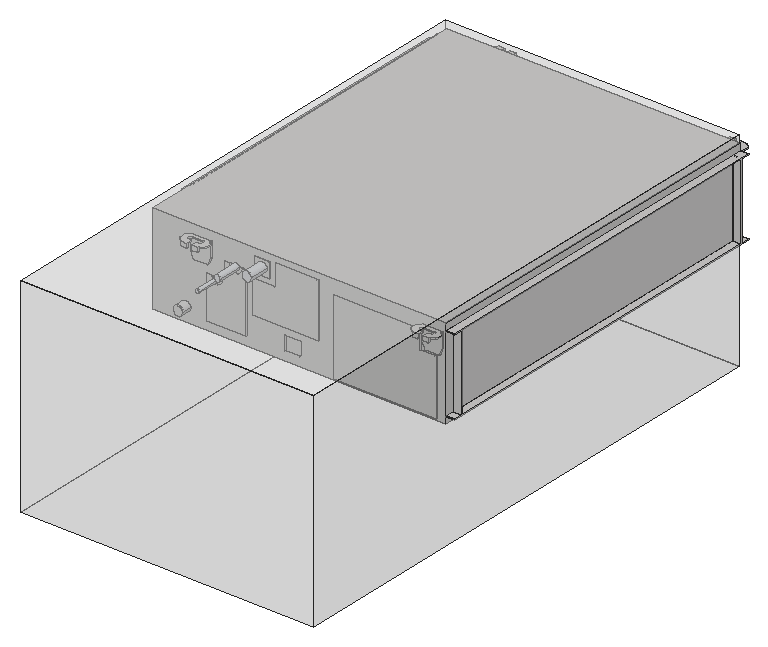
Revit family "outputfile", category 機械設備, Revit 2024
Family settings
  丸型コネクタ寸法 = 半径を使用
  パーツ タイプ = 標準
  OmniClass 番号 = 23.75.10.24.21.27.27
  OmniClass タイトル = Split System Air Conditioning Units
  作業面ベース = いいえ
  常に垂直 = はい
  ロード時にボイドで切り取り = いいえ
  注釈の向きを維持 = いいえ
  共有 = いいえ
  部屋計算ポイント = はい
Parameters (values of type "FXSQ63PAVE8")
  Description = ""
  製造元 = "Daikin"
  書き出し IFC クラス(タイプ) = "IfcUnitaryEquipmentType"
  定義済み IFC タイプ(タイプ) = "AIRCONDITIONINGUNIT"
  Cost = 0
  モデル = "FXSQ63PAVE8"
  Type Comments = ""
  Keynote = ""
  Type Image = (empty or 0)
  Assembly Code = ""
  r_Liquid Pipe Size = Liquid Pipe Size / 2  # 4.75 mm
  r_Gas Pipe Size = Gas Pipe Size / 2  # 7.95 mm
  r_Drain Pipe Size = Drain Pipe Size / 2  # 12.5 mm
  lw_power = 770.0 mm  # constant formula
  lh_SA = 138.0 mm  # constant formula
  lw_SA = if(Depth = 550.0 mm, 225.0 mm, if(Depth = 700.0 mm, 300.0 mm, if(Depth = 1000.0 mm, 450.0 mm, if(Depth = 1400.0 mm, 650.0 mm, 725.0 mm))))  # 450.0 mm
  lw_RA = if(Depth = 550.0 mm, 275.0 mm, if(Depth = 700.0 mm, 349.0 mm, if(Depth = 1000.0 mm, 499.0 mm, if(Depth = 1400.0 mm, 699.0 mm, 775.0 mm))))  # 499.0 mm
  lh_power = 60.0 mm + [h***]  # 60.0 mm
  lh_mountinghole1 = lh_mountinghole + [h***]  # 222.0 mm
  lh_RA = 123.0 mm  # constant formula
  ld_power = Depth / 2  # 500.0 mm
  Voltage_comment_60Hz = "220"
  Voltage_comment_50Hz = "220-240"
  Voltage_60Hz = 220 V
  Voltage_50Hz = 220 V
  URL = ""
  Supply Air Direction [instance] = yes
  Sound Power Level_H speed (dB) = 64
  Phase_60Hz = 1
  Phase_50Hz = 1
  Minimum External Static Pressure = 50.00 Pa
  Minimum Circuit Amps_60Hz = 1.8 A
  Minimum Circuit Amps_50Hz = 1.8 A
  Maximum Fuse Amps_60Hz = 16.0 A
  Maximum Fuse Amps_50Hz = 16.0 A
  Maximum External Static Pressure = 150.00 Pa
  Material_Casing = DAIKIN_GalvanizedSteel_Casing_indoorunit
  lw_mountinghole = 630.0 mm  # constant formula
  lh_gaspipe = 183.0 mm + [h***]  # 183.0 mm
  lh_mountinghole = 222.0 mm  # constant formula
  lh_liquidpipe = 136.0 mm + [h***]  # 136.0 mm
  lh_drainpipe = 207.0 mm + [h***]  # 207.0 mm
  lh_antena = Height - lh_mountinghole + 1.0 mm  # 24.0 mm
  ld_drainpipe = Depth / 2 + 53.0 mm  # 553.0 mm
  ld_liquidpipe = Depth / 2 + 69.0 mm  # 569.0 mm
  ld_gaspipe = Depth / 2 + 65.0 mm  # 565.0 mm
  ld_mountinghole = Depth + 38.0 mm  # 1038.0 mm
  h*** = 0.0 mm  # constant formula
  lw_liquidpipe = 179.0 mm  # constant formula
  lw_gaspipe = 229.0 mm  # constant formula
  lw_drainpipe = 300.0 mm  # constant formula
  Width = 800.0 mm
  Version = "ver.1.0"
  Unit Type = "Middle Static Pressure Duct Type"
  Unit Mass Weight = 35.00 kg
  Unit Designation [instance] = ""
  Uniclass2015Version = "Products v1.30"
  Uniclass2015Title = "Variable refrigerant flow units"
  Uniclass2015Code = "Pr_70_65_03_94"
  Total Heating Capacity [instance] = 0.000 kW
  Total Cooling Capacity [instance] = 0.000 kW
  Sound Pressure Level_M speed (dBA) = 0
  Sound Pressure Level_L speed (dBA) = 29
  Sound Pressure Level_H speed (dBA) = 36
  Series = "VRV Fan Coil Unit"
  Sensible Cooling Capacity [instance] = 0.000 kW
  SA Duct Size Width = if(Depth = 550.0 mm, 337.0 mm, if(Depth = 700.0 mm, 492.0 mm, if(Depth = 1000.0 mm, 792.0 mm, if(Depth = 1400.0 mm, 1192.0 mm, 1337.0 mm))))  # 792.0 mm
  SA Duct Size Height = 176.0 mm
  Refrigerant Type = "R410A"
  RA Duct Size Width = if(Depth = 550.0 mm, 502.0 mm, if(Depth = 700.0 mm, 654.0 mm, if(Depth = 1000.0 mm, 952.0 mm, if(Depth = 1400.0 mm, 1352.0 mm, 1502.0 mm))))  # 952.0 mm
  RA Duct Size Height = 208.0 mm
  Power Input (Heating) = 0.217 kW
  Power Input (Cooling) = 0.222 kW
  Option Accessory 3 [instance] = ""
  Option Accessory 2 [instance] = ""
  Option Accessory 1 [instance] = ""
  Nominal Heating Capacity = 8.000 kW
  Nominal Cooling Capacity = 7.100 kW
  Minimum Airflow = 870.00 m³/h
  Median Airflow = 1050.00 m³/h
  Maximum Airflow = 1260.00 m³/h
  Load Classification = HVAC
  Liquid Pipe Size = 9.5 mm
  Link_Nested Family [instance] = ""
  IfcVersion = "0"
  IfcExportType = "AIRCONDITIONINGUNIT"
  IfcExportAs = "IfcUnitaryEquipmentType"
  Height = 245.0 mm
  Heating Entering Wet Bulb Temperature [instance] = 0.00 °C
  Heating Entering Dry Bulb Temperature [instance] = 0.00 °C
  Heating Ambient Wet Bulb Temperature [instance] = 0.00 °C
  Heating Ambient Dry Bulb Temperature [instance] = 0.00 °C
  Heat Exchanger Type = "Cross Fin Coil"
  Gas Pipe Size = 15.9 mm
  Frequency_60Hz = 60 Hz
  Frequency_50Hz = 50 Hz
  Fan Type = "Sirocco Fan"
  Fan Drive = "Direct Drive"
  FCU Tag No. [instance] = ""
  Drain Pipe Size = 25.0 mm
  Design Supply Airflow [instance] = 0.00 m³/h
  Design Return Airflow [instance] = 0.00 m³/h
  Design External Static Pressure [instance] = 0.00 Pa
  Depth = 1000.0 mm
  既定の高さ = 0.0 mm
  Cooling Entering Wet Bulb Temperature [instance] = 0.00 °C
  Cooling Entering Dry Bulb Temperature [instance] = 0.00 °C
  Cooling Ambient Wet Bulb Temperature [instance] = 0.00 °C
  Cooling Ambient Dry Bulb Temperature [instance] = 0.00 °C
  Clearance visibility [instance] = yes
  Clearance Top = 20.0 mm
  Clearance Right = 0.0 mm
  Clearance Rear = 0.0 mm
  Clearance Left = 0.0 mm
  Clearance Front = 450.0 mm
  Clearance Bottom = 300.0 mm
Reference planes
  plane 1 "Center (Front/Back)": y = 0
  plane 2 "h": z = 0
  plane 3 "Center (Left/Right)": x = 0
  plane 4 "Back": y = 500
  plane 5 "Front": y = -500
  plane 6 "Left": x = -400
  plane 7 "Reight": x = 400
  plane 8 "Top": z = 0
  plane 9 "Bottom": z = -245
  plane 10: y = -215
  plane 11: y = 500
  plane 12: y = -950
  plane 13: x = -400
  plane 14: x = 400
  plane 15: z = 20
  plane 16: z = -545
  plane 17: x = -400
  plane 18: x = -399
  plane 19: x = 399
  plane 20: y = 50
  plane 21: y = -1
  plane 22: z = -122
  plane 23: y = -501
  plane 24: z = -109
  plane 25: x = -221
  plane 26: y = -565
  plane 27: z = -62
  plane 28: x = -171
  plane 29: y = -553
  plane 30: z = -38
  plane 31: x = -100
  plane 32: x = -100
  plane 33: x = -221
  plane 34: x = -171
  plane 35: x = 370
  plane 36: x = -266
  plane 37: x = 364
  plane 38: y = -519
  plane 39: y = 519
  plane 40: z = -23
  plane 41: z = -107
  plane 42: y = -570
  plane 43: z = -207
  plane 44: x = -309
  plane 45: y = -526
  plane 46: x = -251
  plane 47: x = -203
  plane 48: x = -144
  plane 49: z = -59
  plane 50: z = -106
  plane 51: z = -221
  plane 52: z = -109
  plane 53: x = -221
  plane 54: z = -62
  plane 55: x = -171
  plane 56: z = -17
  plane 57: z = -59
  plane 58: x = -121
  plane 59: x = -79
  plane 60: x = -125
  plane 61: x = -64
  plane 62: x = 53
  plane 63: z = -164
  plane 64: z = -73
  plane 65: z = -16
  plane 66: x = 93.5
  plane 67: x = 374.5
  plane 68: x = 330
  plane 69: z = -88.5
  plane 70: z = -38
  plane 71: z = -242.5
  plane 72: x = -38.5
  plane 73: x = 6.5
  plane 74: z = -181
  plane 75: z = -221
  plane 76: y = -499
  plane 77: x = -424
  plane 78: x = 424
Forms (mm)
  Extrusion 1, solid, material "DAIKIN_GalvanizedSteel_Casing_indoorunit" <- "Material_Casing"
    sketch origin (0, 0, 0) x (1, 0, 0) y (0, 1, 0)
      loop
        line (-399, 500) -> (-399, -500) -> (399, -500) -> (399, 500) -> (-399, 500)
    from -245 to 0
  Extrusion 2, solid, material "DAIKIN_GalvanizedSteel_Casing_indoorunit" <- "Material_Casing"
    sketch origin (0, 0, 0) x (1, 0, 0) y (0, 0, 1)
      loop
        line (-251, -221) -> (-144, -221) -> (-144, -59) -> (-154.47, -59)
        arc (-154.47, -59) -> (-171, -78.8) -> (-187.53, -59) r 16.8
        line (-187.53, -59) -> (-203, -59) -> (-203, -106) -> (-206.916, -106)
        arc (-206.916, -106) -> (-221, -123.4) -> (-235.084, -106) r 14.4
        line (-235.084, -106) -> (-251, -106) -> (-251, -221)
    from 500 to 501
  Extrusion 3, solid, material "DAIKIN_GalvanizedSteel_Casing_indoorunit" <- "Material_Casing"
    sketch origin (0, 0, 0) x (1, 0, 0) y (0, 0, 1)
      loop
        line (-121, -17) -> (-121, -59) -> (-79, -59) -> (-79, -17) -> (-121, -17)
      loop
        line (-125, -73) -> (-125, -164) -> (53, -164) -> (53, -16) -> (-64, -16) -> (-64, -73) -> (-125, -73)
    from 500 to 501
  Extrusion 4, solid, material "DAIKIN_GalvanizedSteel_Casing_indoorunit" <- "Material_Casing"
    sketch origin (0, 0, 0) x (1, 0, 0) y (0, 0, 1)
      loop
        line (93.5, -38) -> (93.5, -242.5) -> (374.5, -242.5) -> (374.5, -88.5) -> (330, -88.5) -> (330, -38) -> (93.5, -38)
    from 500 to 501
  Extrusion 5, solid
    sketch origin (0, 0, 0) x (1, 0, 0) y (0, 0, 1)
      loop
        circle (-221, -109) r 4.75
    from 500 to 570
  Extrusion 6, solid
    sketch origin (0, 0, 0) x (1, 0, 0) y (0, 0, 1)
      loop
        circle (-171, -62) r 7.95
    from 500 to 565
  Extrusion 7, solid
    sketch origin (0, 0, 0) x (1, 0, 0) y (0, 0, 1)
      loop
        circle (-100, -38) r 12.5
    from 501 to 553
  Extrusion 8, solid, material "DAIKIN_GalvanizedSteel_Casing_indoorunit" <- "Material_Casing"
    sketch origin (0, 0, 0) x (1, 0, 0) y (0, 0, 1)
      loop
        circle (-309, -207) r 13
    from 500 to 526
  Extrusion 9, void
    sketch origin (0, 0, 0) x (1, 0, 0) y (0, 0, 1)
      loop
        line (-38.5, -181) -> (-38.5, -221) -> (6.5, -221) -> (6.5, -181) -> (-38.5, -181)
    from 499 to 500
Cuts and joins
  Extrusion 9 cuts Extrusion 1
Dimensions and locks
  "Height": plane 8 "Top" to plane 9 "Bottom"
  equal spacing: plane 4 "Back", plane 1 "Center (Front/Back)", plane 5 "Front"
  "Depth": plane 4 "Back" to plane 5 "Front"
  equal spacing: plane 6 "Left", plane 3 "Center (Left/Right)", plane 7 "Reight"
  "Width": plane 6 "Left" to plane 7 "Reight"
  "Clearance Left": plane 13 to plane 6 "Left"
  "Clearance Right": plane 7 "Reight" to plane 14
  "Clearance Rear": plane 11 to plane 4 "Back"
  "Clearance Front": plane 5 "Front" to plane 12
  "Clearance Top": plane 15 to plane 8 "Top"
  "Clearance Bottom": plane 9 "Bottom" to plane 16
  locked: plane 17 to plane 18 at 1
  locked: plane 19 to plane 14 at 1
  "lw_SA": plane 11 to plane 20
  "lw_RA": plane 21 to plane 5 "Front"
  "lh_RA": plane 22 to plane 9 "Bottom"
  locked: plane 5 "Front" to plane 23 at 1
  "lw_liquidpipe": plane 25 to plane 6 "Left"
  "lh_liquidpipe": plane 24 to plane 9 "Bottom"
  "lh_gaspipe": plane 27 to plane 9 "Bottom"
  "lw_gaspipe": plane 28 to plane 6 "Left"
  "ld_gaspipe": plane 26 to plane 1 "Center (Front/Back)"
  "ld_drainpipe": plane 29 to plane 1 "Center (Front/Back)"
  "lh_drainpipe": plane 30 to plane 9 "Bottom"
  "lw_drainpipe": plane 31 to plane 6 "Left"
  "lw_drainpipe": plane 6 "Left" to plane 32
  "lw_liquidpipe": plane 6 "Left" to plane 33
  "lw_gaspipe": plane 6 "Left" to plane 34
  "lw_power": plane 6 "Left" to plane 35
  locked: plane 17 to plane 36 at 134
  "lw_mountinghole": plane 36 to plane 37
  equal spacing: plane 38, plane 1 "Center (Front/Back)", plane 39
  "ld_mountinghole": plane 39 to plane 38
  "lh_mountinghole": plane 40 to plane 9 "Bottom"
  "lh_SA": plane 41 to plane 9 "Bottom"
  "ld_liquidpipe": plane 21 to plane 42
  locked: plane 44 to plane 6 "Left" at 91
  locked: plane 43 to plane 9 "Bottom" at 38
  locked: plane 5 "Front" to plane 45 at 26
  plane 48 to plane 47 to plane 46 to plane 6 "Left" = 59.0 mm, 48.0 mm, 149.0 mm
  plane 8 "Top" to plane 49 to plane 50 to plane 51 = 59.0 mm locked, 47.0 mm locked, 115.0 mm locked
  plane 55 to plane 53 to plane 6 "Left" = 50.0 mm locked, 179.0 mm locked
  plane 54 to plane 52 to plane 9 "Bottom" = 47.0 mm locked, 136.0 mm locked
  plane 59 to plane 58 to plane 6 "Left" = 42.0 mm locked, 279.0 mm locked
  plane 8 "Top" to plane 56 to plane 57 = 17.0 mm locked, 42.0 mm locked
  plane 62 to plane 61 to plane 60 to plane 6 "Left" = 117.0 mm, 61.0 mm, 275.0 mm
  plane 8 "Top" to plane 65 to plane 64 = 16.0 mm locked, 57.0 mm locked
  locked: plane 65 to plane 63 at 148
  plane 8 "Top" to plane 70 to plane 69 to plane 71 = 38.0 mm locked, 50.5 mm locked, 154.0 mm locked
  plane 67 to plane 68 to plane 66 to plane 6 "Left" = 44.5 mm locked, 236.5 mm locked, 493.5 mm locked
  plane 8 "Top" to plane 74 to plane 75 = 181.0 mm locked, 40.0 mm locked
  plane 73 to plane 72 to plane 6 "Left" = 45.0 mm, 361.5 mm
  locked: plane 76 to plane 5 "Front" at 1
  locked: plane 77 to plane 17 at 24
  locked: plane 14 to plane 78 at 24
  "r_Liquid Pipe Size": radius of Extrusion 5 sketch curve
  "r_Gas Pipe Size": radius of Extrusion 6 sketch curve
  "r_Drain Pipe Size": radius of Extrusion 7 sketch curve
  aligned and locked: level to plane 2 "h"
  aligned and locked: plane 8 "Top" to Extrusion 1
  aligned and locked: Extrusion 1 to plane 9 "Bottom"
  aligned and locked: nested 5 to plane 12
  aligned and locked: plane 13 to nested 5
  aligned and locked: plane 14 to nested 5
  aligned and locked: nested 5 to plane 13
  aligned and locked: plane 11 to nested 5
  aligned and locked: plane 15 to nested 5
  aligned and locked: plane 16 to nested 5
  aligned and locked: plane 5 "Front" to Extrusion 1 sketch curve
  aligned and locked: Extrusion 1 to plane 18
  aligned and locked: plane 19 to Extrusion 1
  aligned and locked: nested 7 to plane 18
  aligned and locked: nested 7 to plane 20
  aligned and locked: plane 19 to nested 8
  aligned and locked: plane 21 to nested 8
  aligned and locked: plane 22 to nested 8
  aligned and locked: Extrusion 2 to plane 23
  aligned and locked: plane 5 "Front" to Extrusion 2
  aligned and locked: Extrusion 3 to plane 23
  aligned and locked: plane 5 "Front" to Extrusion 3
  aligned and locked: plane 5 "Front" to Extrusion 4
  aligned and locked: Extrusion 5 sketch curve to plane 25
  aligned and locked: plane 24 to Extrusion 5 sketch curve
  aligned and locked: plane 5 "Front" to Extrusion 5
  aligned and locked: Extrusion 6 sketch curve to plane 28
  aligned and locked: plane 27 to Extrusion 6 sketch curve
  aligned and locked: plane 5 "Front" to Extrusion 6
  aligned and locked: Extrusion 7 sketch curve to plane 31
  aligned and locked: Extrusion 7 sketch curve to plane 30
  aligned and locked: Extrusion 7 to plane 29
  aligned and locked: plane 23 to Extrusion 7
  aligned and locked: nested 3 to plane 29
  aligned and locked: plane 32 to nested 3
  aligned and locked: nested 2 to plane 33
  aligned and locked: nested 1 to plane 34
  aligned and locked: Extrusion 6 to plane 26
  aligned and locked: nested 1 to plane 26
  aligned and locked: nested 6 to plane 5 "Front"
  aligned and locked: nested 6 to plane 35
  aligned and locked: plane 36 to nested 10
  aligned and locked: nested 10 to plane 5 "Front"
  aligned and locked: plane 37 to nested 9
  aligned and locked: nested 9 to plane 5 "Front"
  aligned and locked: nested 11 to plane 36
  aligned and locked: plane 4 "Back" to nested 11
  aligned and locked: nested 12 to plane 37
  aligned and locked: plane 4 "Back" to nested 12
  aligned and locked: plane 40 to nested 10
  aligned and locked: plane 40 to nested 11
  aligned and locked: plane 40 to nested 9
  aligned and locked: plane 40 to nested 12
  aligned and locked: plane 36 to nested 14
  aligned and locked: nested 14 to plane 39
  aligned and locked: plane 37 to nested 13
  aligned and locked: nested 13 to plane 39
  aligned and locked: plane 37 to nested 16
  aligned and locked: plane 38 to nested 16
  aligned and locked: plane 38 to nested 15
  aligned and locked: plane 36 to nested 15
  aligned and locked: plane 17 to plane 6 "Left"
  aligned and locked: plane 41 to nested 7
  aligned and locked: Extrusion 5 to plane 42
  aligned and locked: nested 2 to plane 42
  aligned and locked: Extrusion 8 sketch curve to plane 44
  aligned and locked: plane 43 to Extrusion 8 sketch curve
  aligned and locked: plane 5 "Front" to Extrusion 8
  aligned and locked: plane 45 to Extrusion 8
  aligned and locked: Extrusion 3 sketch curve to plane 56
  aligned and locked: Extrusion 3 sketch curve to plane 58
  aligned and locked: plane 57 to Extrusion 3 sketch curve
  aligned and locked: plane 59 to Extrusion 3 sketch curve
  aligned and locked: Extrusion 4 to plane 23
  aligned and locked: Extrusion 9 sketch curve to plane 74
  aligned and locked: plane 75 to Extrusion 9 sketch curve
  aligned and locked: plane 73 to Extrusion 9 sketch curve
  aligned and locked: plane 5 "Front" to Extrusion 9
  aligned and locked: plane 76 to Extrusion 9
  aligned and locked: nested 17 to plane 20
  aligned and locked: nested 17 to plane 77
  aligned and locked: plane 21 to nested 18
  aligned and locked: plane 78 to nested 18
  aligned and locked: plane 41 to nested 17
  aligned and locked: nested 18 to plane 22
  aligned and locked: nested 4 to plane 3 "Center (Left/Right)"
  aligned and locked: plane 1 "Center (Front/Back)" to nested 4
  aligned and locked: level to plane 8 "Top"
Automatic sketch dimensions
  plane 6 "Left" to Extrusion 1 sketch curve = 1.0 mm
  Extrusion 1 sketch curve to plane 7 "Reight" = 1.0 mm
  Extrusion 1 sketch curve to plane 4 "Back" = 0.0 mm
  Extrusion 2 sketch curve to plane 46 = 0.0 mm
  Extrusion 2 sketch curve to plane 33 = 0.0 mm
  Extrusion 2 sketch curve to plane 47 = 0.0 mm
  Extrusion 2 sketch curve to plane 34 = 0.0 mm
  Extrusion 2 sketch curve to plane 48 = 0.0 mm
  Extrusion 2 sketch curve to plane 51 = 0.0 mm
  Extrusion 2 sketch curve to plane 52 = 0.0 mm
  Extrusion 2 sketch curve to plane 50 = 0.0 mm  (x3)
  Extrusion 2 sketch curve to plane 54 = 0.0 mm
  Extrusion 2 sketch curve to plane 49 = 0.0 mm  (x3)
  plane 33 to Extrusion 2 sketch curve = 14.084 mm
  plane 34 to Extrusion 2 sketch curve = 16.53 mm
  Extrusion 3 sketch curve to plane 60 = 0.0 mm
  Extrusion 3 sketch curve to plane 61 = 0.0 mm
  Extrusion 3 sketch curve to plane 62 = 0.0 mm
  Extrusion 3 sketch curve to plane 63 = 0.0 mm
  Extrusion 3 sketch curve to plane 64 = 0.0 mm
  Extrusion 3 sketch curve to plane 65 = 0.0 mm
  Extrusion 4 sketch curve to plane 66 = 0.0 mm
  Extrusion 4 sketch curve to plane 68 = 0.0 mm
  Extrusion 4 sketch curve to plane 67 = 0.0 mm
  Extrusion 4 sketch curve to plane 71 = 0.0 mm
  Extrusion 4 sketch curve to plane 69 = 0.0 mm
  Extrusion 4 sketch curve to plane 70 = 0.0 mm
  Extrusion 9 sketch curve to plane 72 = 0.0 mm
  radius of Extrusion 8 sketch curve = 13.0 mm
Nested families
  nested 1: "daikin_connector_rotate2" at (-171, 0, -62), length <- "ld_gaspipe", built-in parameter 1001364 <- "lh_gaspipe", radius <- "r_Gas Pipe Size", type "daikin_connector_rotate2"
    with radius 7.95 mm, length 565.0 mm, angle_vertical 90.00°
  nested 2: "daikin_connector_rotate2" at (-221, -1, -109), length <- "ld_liquidpipe", built-in parameter 1001364 <- "lh_liquidpipe", radius <- "r_Liquid Pipe Size", type "daikin_connector_rotate2"
    with radius 4.75 mm, length 569.0 mm, angle_vertical 90.00°
  nested 3: "daikin_connector_rotate2" at (-100, 0, -38), length <- "ld_drainpipe", built-in parameter 1001364 <- "lh_drainpipe", radius <- "r_Drain Pipe Size", type "daikin_connector_rotate2"
    with radius 12.5 mm, length 553.0 mm, angle_vertical 90.00°
  nested 4: "daikin_△_symbolicline" at (0, 0, 245) x (0, -1, 0) z (0, 0, 1), built-in parameter 1001364 <- "Height", visible <- "Supply Air Direction", type "daikin_△_symbolicline"
    with length 200.0 mm
  nested 5: "daikin_clearancespace" at (0, -225, -262.381), visible <- "Clearance visibility", show <- "Clearance visibility", Link_Nested Family <- "Link_Nested Family", type "daikin_clearancespace"
    with width 800.0 mm, show yes, height 565.0 mm, depth 1450.0 mm, Link_Nested Family ""
  nested 6: "daikin_connector_rotate2" at (370, 0, -185), built-in parameter 1001364 <- "lh_power", length <- "ld_power", type "daikin_connector_rotate2"
    with radius 10.0 mm, length 500.0 mm, angle_vertical 90.00°
  nested 7: "daikin_ductflange_FXSQ-PAVE8_2" at (-399, 50, -107) x (0, -1, 0) z (0, 0, 1), type "daikin_ductflange_FXSQ-PAVE8_2"
    with width 792.0 mm, w 1000.0 mm
  nested 8: "daikin_ductflange_FXSQ-PAVE8_1" at (399, -1, -122) x (0, 1, 0) z (0, 0, 1), type "daikin_ductflange_FXSQ-PAVE8_1"
    with width 952.0 mm, w 1000.0 mm
  nested 9: "daikin_hangerfixture_FXSQ-PAVE8" at (364, -500, -23), type "daikin_hangerfixture_FXSQ-PAVE8"
  nested 10: "daikin_hangerfixture_FXSQ-PAVE8" at (-266, -500, -23), type "daikin_hangerfixture_FXSQ-PAVE8"
  nested 11: "daikin_hangerfixture_FXSQ-PAVE8" at (-266, 500, -23) x (-1, 0, 0) z (0, 0, 1), type "daikin_hangerfixture_FXSQ-PAVE8"
  nested 12: "daikin_hangerfixture_FXSQ-PAVE8" at (364, 500, -23) x (-1, 0, 0) z (0, 0, 1), type "daikin_hangerfixture_FXSQ-PAVE8"
  nested 13: "daikin_mountinghole" at (364, 519, -245), h_mountinghole <- "lh_mountinghole1", l_antenna <- "lh_antena", Link_Nested Family <- "Link_Nested Family", type "daikin_mountinghole"
    with show yes, l_antenna 24.0 mm, h_mountinghole 222.0 mm, Link_Nested Family ""
  nested 14: "daikin_mountinghole" at (-266, 519, -245), h_mountinghole <- "lh_mountinghole1", l_antenna <- "lh_antena", Link_Nested Family <- "Link_Nested Family", type "daikin_mountinghole"
    with show yes, l_antenna 24.0 mm, h_mountinghole 222.0 mm, Link_Nested Family ""
  nested 15: "daikin_mountinghole" at (-266, -519, -245), h_mountinghole <- "lh_mountinghole1", l_antenna <- "lh_antena", Link_Nested Family <- "Link_Nested Family", type "daikin_mountinghole"
    with show yes, l_antenna 24.0 mm, h_mountinghole 222.0 mm, Link_Nested Family ""
  nested 16: "daikin_mountinghole" at (364, -519, -245), h_mountinghole <- "lh_mountinghole1", l_antenna <- "lh_antena", Link_Nested Family <- "Link_Nested Family", type "daikin_mountinghole"
    with show yes, l_antenna 24.0 mm, h_mountinghole 222.0 mm, Link_Nested Family ""
  nested 17: "daikin_connector_rotate2" at (-400, 50, -107) x (0, -1, 0) z (0, 0, 1), type "daikin_connector_rotate2"
    with radius 10.0 mm, length 24.0 mm, angle_vertical 90.00°
  nested 18: "daikin_connector_rotate2" at (400, -1, -122) x (0, 1, 0) z (0, 0, 1), type "daikin_connector_rotate2"
    with radius 10.0 mm, length 24.0 mm, angle_vertical 90.00°
Connectors
  piping at (-100, -553, -38), diameter 25, driven by "r_Drain Pipe Size"
    settings: on nested 3, index 3, connector inside diameter 609.6 mm, connector length 0.0 mm, flow factor 0, pipe flow 0.00 m³/h, pressure drop 0.0 Pa, fitting loss kfactor 0, connector angle 0.00°, fixture units 0, engagement length 0.0 mm, angle of deflection 0.00°, flow configuration 1, flow direction 2, fitting loss method 4, system type 16, joint type 0, gender type 0, connector reference index -1, connector utility 0, adjustable connector no, is connector primary yes, connector description "Condensate Drain Piping"
  piping at (-171, -565, -62), diameter 15.9, driven by "r_Gas Pipe Size"
    settings: on nested 1, index 4, connector inside diameter 609.6 mm, connector length 0.0 mm, flow factor 0, pipe flow 0.00 m³/h, pressure drop 0.0 Pa, fitting loss kfactor 0, connector angle 0.00°, fixture units 0, engagement length 0.0 mm, angle of deflection 0.00°, flow configuration 1, flow direction 2, fitting loss method 0, system type 29, joint type 0, gender type 0, connector reference index -1, connector utility 0, adjustable connector no, is connector primary no, connector description "Refrigerant Gas Piping"
  piping at (-221, -570, -109), diameter 9.5, driven by "r_Liquid Pipe Size"
    settings: on nested 2, index 5, connector inside diameter 609.6 mm, connector length 0.0 mm, flow factor 0, pipe flow 0.00 m³/h, pressure drop 0.0 Pa, fitting loss kfactor 0, connector angle 0.00°, fixture units 0, engagement length 0.0 mm, angle of deflection 0.00°, flow configuration 1, flow direction 1, fitting loss method 0, system type 29, joint type 0, gender type 0, connector reference index -1, connector utility 0, adjustable connector no, is connector primary no, connector description "Refrigerant Liquid Piping"
  electrical at (370, -500, -185), driven by "Load Classification"
    settings: on nested 6, index 6, voltage 0 V, apparent load 0 VA, apparent load phase1 0 VA, apparent load phase2 0 VA, apparent load phase3 0 VA, power factor 1, load classification "HVAC", number of poles 1, system type 30, power factor state 1, is connector primary yes, connector utility no, sub classification motor no, connector description "Power Supply"
  hvac at (-424, 50, -107), driven by "SA Duct Size Height", driven by "SA Duct Size Width"
    settings: on nested 17, index 7, duct flow 0.00 m³/h, flow factor 0, pres drop 0.00 Pa, loss coef 0, conn angle 0.00°, conn width 792.0 mm, conn height 176.0 mm, conn diameter 609.6 mm, duct sys type 1, conn prof type 1, flow config 0, flow direction 2, loss method 4, conn ref index -1, conn util no, is conn primary yes, conn desc "SA Duct"
  hvac at (424, -1, -122), driven by "RA Duct Size Height", driven by "RA Duct Size Width"
    settings: on nested 18, index 8, duct flow 0.00 m³/h, flow factor 0, pres drop 0.00 Pa, loss coef 0, conn angle 0.00°, conn width 952.0 mm, conn height 208.0 mm, conn diameter 609.6 mm, duct sys type 2, conn prof type 1, flow config 0, flow direction 1, loss method 4, conn ref index -1, conn util no, is conn primary no, conn desc "RA Duct"
Definition of nested family "daikin_clearancespace"
  Parameters (values of type "daikin_clearancespace")
    width [instance] = 1823.963 mm
    show [instance] = yes
    material = none
    height [instance] = 1359.762 mm
    depth [instance] = 880.0 mm
    Default Elevation = 0.0 mm
    Link_Nested Family [instance] = ""
  Reference planes
    plane 1 "Center (Front/Back)": y = 0
    plane 2 "Center (Elevation)": z = -0.119
    plane 3 "Center (Left/Right)": x = 0
    plane 4: y = 440
    plane 5: y = -440
    plane 6 "Right": x = 911.982
    plane 7 "Left": x = -911.982
    plane 8 "Top": z = 679.762
    plane 9 "Bottom": z = -680
  Forms (mm)
    Extrusion 1, solid, material <- "material", visible <- "show"
      sketch origin (0, 0, 0) x (1, 0, 0) y (0, 1, 0)
        loop
          line (-911.982, 440) -> (-911.982, -440) -> (911.982, -440) -> (911.982, 440) -> (-911.982, 440)
      from -680 to 679.762
  Lines and regions (mm)
    symbolic lines, visible <- "show"
      curve 1: line (911.982, 440, 0) -> (-911.982, 440, 0)
      curve 2: line (-911.982, 440, 0) -> (-911.982, -440, 0)
      curve 3: line (-911.982, -440, 0) -> (911.982, -440, 0)
      curve 4: line (911.982, -440, 0) -> (911.982, 440, 0)
      curve 5: line (911.982, 0, 679.762) -> (-911.982, 0, 679.762)
      curve 6: line (911.982, 0, -680) -> (911.982, 0, 679.762)
      curve 7: line (-911.982, 0, -680) -> (911.982, 0, -680)
      curve 8: line (-911.982, 0, 679.762) -> (-911.982, 0, -680)
      curve 9: line (0, 440, 679.762) -> (0, -440, 679.762)
      curve 10: line (0, -440, 679.762) -> (0, -440, -680)
      curve 11: line (0, 440, -680) -> (0, 440, 679.762)
      curve 12: line (0, -440, -680) -> (0, 440, -680)
  Dimensions and locks
    "width": plane 7 "Left" to plane 6 "Right"
    "depth": plane 4 to plane 5
    "height": plane 8 "Top" to plane 9 "Bottom"
    equal spacing: plane 7 "Left", plane 3 "Center (Left/Right)", plane 6 "Right"
    equal spacing: plane 4, plane 1 "Center (Front/Back)", plane 5
    equal spacing: plane 8 "Top", plane 2 "Center (Elevation)", plane 9 "Bottom"
    aligned and locked: level to plane 2 "Center (Elevation)"
    aligned and locked: Extrusion 1 sketch curve to plane 4
    aligned and locked: plane 7 "Left" to Extrusion 1 sketch curve
    aligned and locked: Extrusion 1 sketch curve to plane 5
    aligned and locked: Extrusion 1 sketch curve to plane 6 "Right"
    aligned and locked: plane 8 "Top" to Extrusion 1
    aligned and locked: curve 1 to Extrusion 1
    aligned and locked: curve 2 to Extrusion 1
    aligned and locked: curve 3 to Extrusion 1
    aligned and locked: curve 4 to Extrusion 1
    aligned and locked: curve 5 to Extrusion 1
    aligned and locked: curve 6 to Extrusion 1
    aligned and locked: curve 7 to Extrusion 1
    aligned and locked: curve 8 to Extrusion 1
    aligned and locked: curve 9 to Extrusion 1
    aligned and locked: curve 10 to Extrusion 1
    aligned and locked: curve 11 to Extrusion 1
    aligned and locked: curve 12 to Extrusion 1
    aligned and locked: Extrusion 1 to plane 9 "Bottom"
Definition of nested family "daikin_ductflange_FXSQ-PAVE8_2"
  Parameters (values of type "daikin_ductflange_FXMQ-PAVE2")
    width = if(w = 550.0 mm, 337.0 mm, if(w = 700.0 mm, 492.0 mm, if(w = 1000.0 mm, 792.0 mm, if(w = 1400.0 mm, 1192.0 mm, 1337.0 mm))))  # 337.0 mm
    material = none
    height = 215.0 mm
    depth = 1.0 mm
    w = 550.0 mm
    Default Elevation = 0.0 mm
  Reference planes
    plane 1 "Center (Front/Back)": y = 0
    plane 2: z = 0
    plane 3 "Center (Left/Right)": x = 0
    plane 4: z = 88
    plane 5: z = -88
    plane 6: y = -25
    plane 7: z = 106
    plane 8: z = 89
    plane 9: y = -1
    plane 10: x = -192.5
    plane 11: x = 192.5
    plane 12: z = -106
    plane 13: z = -89
    plane 14: y = -1
    plane 15: x = 168.5
    plane 16: x = -168.5
    plane 17: x = 169.5
    plane 18: z = 87
    plane 19: z = -87
    plane 20: x = -169.5
    plane 21: z = 87
    plane 22: z = -87
    plane 23: y = -1
  Forms (mm)
    Extrusion 1, solid, material <- "material"
      sketch origin (0, 0, 0) x (0, 1, 0) y (0, 0, 1)
        loop
          line (-25, 88) -> (0, 88) -> (0, 106) -> (-1, 106) -> (-1, 89) -> (-25, 89) -> (-25, 88)
      from -192.5 to 192.5
    Extrusion 2, solid, material <- "material"
      sketch origin (0, 0, 0) x (0, 1, 0) y (0, 0, 1)
        loop
          line (-25, -88) -> (-25, -89) -> (-1, -89) -> (-1, -106) -> (0, -106) -> (0, -88) -> (-25, -88)
      from -192.5 to 192.5
    Extrusion 3, solid, material <- "material"
      sketch origin (0, 0, 0) x (1, 0, 0) y (0, 0, 1)
        loop
          line (168.5, 88) -> (168.5, -88) -> (192.5, -88) -> (192.5, -87) -> (169.5, -87) -> (169.5, 87) -> (192.5, 87) -> (192.5, 88) -> (168.5, 88)
      from 0 to 25
    Extrusion 4, solid, material <- "material"
      sketch origin (0, 0, 0) x (1, 0, 0) y (0, 0, 1)
        loop
          line (-192.5, 88) -> (-192.5, 87) -> (-169.5, 87) -> (-169.5, -87) -> (-192.5, -87) -> (-192.5, -88) -> (-168.5, -88) -> (-168.5, 88) -> (-192.5, 88)
      from 0 to 25
    Extrusion 5, solid, material <- "material"
      sketch origin (0, 0, 0) x (1, 0, 0) y (0, 0, 1)
        loop
          line (-192.5, 88) -> (-192.5, -88) -> (-168.5, -88) -> (-168.5, 88) -> (-192.5, 88)
        loop
          line (192.5, 88) -> (168.5, 88) -> (168.5, -88) -> (192.5, -88) -> (192.5, 88)
      from 0 to 1
  Cuts and joins
    joined: Extrusion 1, Extrusion 2, Extrusion 3, Extrusion 4, Extrusion 5
  Dimensions and locks
    plane 4 to level to plane 5 = 88.0 mm, 88.0 mm
    locked: plane 6 to plane 1 "Center (Front/Back)" at 25
    locked: plane 9 to plane 1 "Center (Front/Back)" at 1
    locked: plane 8 to plane 4 at 1
    locked: plane 16 to plane 10 at 24
    locked: plane 17 to plane 15 at 1
    locked: plane 4 to plane 18 at 1
    locked: plane 19 to plane 5 at 1
    "width": plane 15 to plane 16
    plane 4 to plane 5 = 176.0 mm
    locked: plane 16 to plane 20 at 1
    locked: plane 4 to plane 21 at 1
    locked: plane 22 to plane 5 at 1
    locked: plane 23 to plane 1 "Center (Front/Back)" at 1
    plane 4 to level to plane 5 = 88.0 mm locked, 88.0 mm locked
    locked: plane 5 to plane 13 at 1
    locked: plane 5 to plane 12 at 18
    locked: plane 7 to plane 4 at 18
    equal spacing: plane 15, plane 3 "Center (Left/Right)", plane 16
    locked: plane 11 to plane 15 at 24
    plane 11 to plane 10 = 385.0 mm
    aligned and locked: level to plane 2
    aligned and locked: Extrusion 1 to plane 10
    aligned and locked: plane 11 to Extrusion 1
    aligned and locked: plane 5 to Extrusion 2
    aligned and locked: Extrusion 2 to plane 1 "Center (Front/Back)"
    aligned and locked: plane 15 to Extrusion 3 sketch curve
    aligned and locked: Extrusion 3 sketch curve to Extrusion 2  (x2)
    aligned and locked: Extrusion 3 sketch curve to plane 11
    aligned and locked: plane 6 to Extrusion 3
    aligned and locked: Extrusion 2 to plane 10
    aligned and locked: plane 11 to Extrusion 2
    aligned and locked: Extrusion 4 sketch curve to Extrusion 1  (x2)
    aligned and locked: plane 5 to Extrusion 4 sketch curve
    aligned and locked: Extrusion 4 sketch curve to plane 16
    aligned and locked: Extrusion 4 sketch curve to plane 22
    aligned and locked: plane 20 to Extrusion 4 sketch curve
    aligned and locked: plane 21 to Extrusion 4 sketch curve
    aligned and locked: Extrusion 4 to plane 1 "Center (Front/Back)"
    aligned and locked: plane 6 to Extrusion 4
    aligned and locked: Extrusion 5 sketch curve to Extrusion 1  (x4)
    aligned and locked: Extrusion 5 sketch curve to Extrusion 4  (x2)
    aligned and locked: Extrusion 5 sketch curve to Extrusion 3  (x2)
    aligned and locked: Extrusion 5 to plane 1 "Center (Front/Back)"
    aligned and locked: plane 23 to Extrusion 5
  Automatic sketch dimensions
    Extrusion 1 sketch curve to plane 6 = 0.0 mm
    Extrusion 1 sketch curve to plane 7 = 0.0 mm
    Extrusion 1 sketch curve to plane 9 = 0.0 mm
    Extrusion 1 sketch curve to plane 1 "Center (Front/Back)" = 0.0 mm
    Extrusion 1 sketch curve to plane 4 = 0.0 mm
    Extrusion 1 sketch curve to plane 8 = 0.0 mm
    Extrusion 2 sketch curve to plane 6 = 0.0 mm
    plane 12 to Extrusion 2 sketch curve = 0.0 mm
    Extrusion 2 sketch curve to plane 14 = 0.0 mm
    Extrusion 2 sketch curve to plane 1 "Center (Front/Back)" = 0.0 mm
    plane 13 to Extrusion 2 sketch curve = 0.0 mm
    Extrusion 2 sketch curve to plane 5 = 0.0 mm
    Extrusion 3 sketch curve to plane 17 = 0.0 mm
    Extrusion 3 sketch curve to plane 19 = 0.0 mm
    Extrusion 3 sketch curve to plane 18 = 0.0 mm
    Extrusion 3 sketch curve to plane 4 = 0.0 mm
    Extrusion 4 sketch curve to plane 10 = 0.0 mm
Definition of nested family "daikin_ductflange_FXSQ-PAVE8_1"
  Parameters (values of type "daikin_ductflange_FXMQ-PAVE")
    width = if(w = 550.0 mm, 502.0 mm, if(w = 700.0 mm, 654.0 mm, if(w = 1000.0 mm, 952.0 mm, if(w = 1400.0 mm, 1352.0 mm, 1502.0 mm))))  # 502.0 mm
    material = none
    height = 208.0 mm
    depth = 1.0 mm
    w = 550.0 mm
    Default Elevation = 0.0 mm
  Reference planes
    plane 1 "Center (Front/Back)": y = 0
    plane 2: z = 0
    plane 3 "Center (Left/Right)": x = 0
    plane 4: z = 104
    plane 5: z = -104
    plane 6: y = -25
    plane 7: z = 121
    plane 8: z = 105
    plane 9: y = -1
    plane 10: x = -275
    plane 11: x = 275
    plane 12: z = -122
    plane 13: z = -105
    plane 14: y = -1
    plane 15: x = 251
    plane 16: x = -251
    plane 17: x = 252
    plane 18: z = 103
    plane 19: z = -103
    plane 20: x = -252
    plane 21: z = 103
    plane 22: z = -103
    plane 23: y = -1
  Forms (mm)
    Extrusion 1, solid, material <- "material"
      sketch origin (0, 0, 0) x (0, 1, 0) y (0, 0, 1)
        loop
          line (-25, 104) -> (0, 104) -> (0, 121) -> (-1, 121) -> (-1, 105) -> (-25, 105) -> (-25, 104)
      from -275 to 275
    Extrusion 2, solid, material <- "material"
      sketch origin (0, 0, 0) x (0, 1, 0) y (0, 0, 1)
        loop
          line (-25, -104) -> (-25, -105) -> (-1, -105) -> (-1, -122) -> (0, -122) -> (0, -104) -> (-25, -104)
      from -275 to 275
    Extrusion 3, solid, material <- "material"
      sketch origin (0, 0, 0) x (1, 0, 0) y (0, 0, 1)
        loop
          line (251, 104) -> (251, -104) -> (275, -104) -> (275, -103) -> (252, -103) -> (252, 103) -> (275, 103) -> (275, 104) -> (251, 104)
      from 0 to 25
    Extrusion 4, solid, material <- "material"
      sketch origin (0, 0, 0) x (1, 0, 0) y (0, 0, 1)
        loop
          line (-275, 104) -> (-275, 103) -> (-252, 103) -> (-252, -103) -> (-275, -103) -> (-275, -104) -> (-251, -104) -> (-251, 104) -> (-275, 104)
      from 0 to 25
    Extrusion 5, solid, material <- "material"
      sketch origin (0, 0, 0) x (1, 0, 0) y (0, 0, 1)
        loop
          line (-275, 104) -> (-275, -104) -> (-251, -104) -> (-251, 104) -> (-275, 104)
        loop
          line (275, 104) -> (251, 104) -> (251, -104) -> (275, -104) -> (275, 104)
      from 0 to 1
  Cuts and joins
    joined: Extrusion 1, Extrusion 2, Extrusion 3, Extrusion 4, Extrusion 5
  Dimensions and locks
    plane 4 to level to plane 5 = 104.0 mm, 104.0 mm
    locked: plane 6 to plane 1 "Center (Front/Back)" at 25
    locked: plane 9 to plane 1 "Center (Front/Back)" at 1
    locked: plane 8 to plane 4 at 1
    locked: plane 11 to plane 15 at 24
    locked: plane 16 to plane 10 at 24
    locked: plane 17 to plane 15 at 1
    locked: plane 4 to plane 18 at 1
    locked: plane 19 to plane 5 at 1
    "width": plane 15 to plane 16
    equal spacing: plane 15, plane 3 "Center (Left/Right)", plane 16
    locked: plane 16 to plane 20 at 1
    locked: plane 4 to plane 21 at 1
    locked: plane 22 to plane 5 at 1
    locked: plane 23 to plane 1 "Center (Front/Back)" at 1
    locked: plane 7 to plane 4 at 17
    locked: plane 1 "Center (Front/Back)" to plane 14 at 1
    locked: plane 5 to plane 13 at 1
    "height": plane 4 to plane 5
    plane 11 to plane 10 = 550.0 mm
    locked: plane 12 to plane 13 at 17
    equal spacing: plane 4, level, plane 5
    aligned and locked: level to plane 2
    aligned and locked: Extrusion 1 to plane 10
    aligned and locked: plane 11 to Extrusion 1
    aligned and locked: plane 5 to Extrusion 2
    aligned and locked: Extrusion 2 to plane 1 "Center (Front/Back)"
    aligned and locked: plane 15 to Extrusion 3 sketch curve
    aligned and locked: Extrusion 3 sketch curve to Extrusion 2  (x2)
    aligned and locked: Extrusion 3 sketch curve to plane 11
    aligned and locked: plane 6 to Extrusion 3
    aligned and locked: Extrusion 2 to plane 10
    aligned and locked: plane 11 to Extrusion 2
    aligned and locked: Extrusion 4 sketch curve to Extrusion 1  (x2)
    aligned and locked: plane 5 to Extrusion 4 sketch curve
    aligned and locked: Extrusion 4 sketch curve to plane 16
    aligned and locked: Extrusion 4 sketch curve to plane 22
    aligned and locked: plane 20 to Extrusion 4 sketch curve
    aligned and locked: plane 21 to Extrusion 4 sketch curve
    aligned and locked: Extrusion 4 to plane 1 "Center (Front/Back)"
    aligned and locked: plane 6 to Extrusion 4
    aligned and locked: Extrusion 5 sketch curve to Extrusion 1  (x4)
    aligned and locked: Extrusion 5 sketch curve to Extrusion 4  (x2)
    aligned and locked: Extrusion 5 sketch curve to Extrusion 3  (x2)
    aligned and locked: Extrusion 5 to plane 1 "Center (Front/Back)"
    aligned and locked: plane 23 to Extrusion 5
  Automatic sketch dimensions
    Extrusion 1 sketch curve to plane 6 = 0.0 mm
    Extrusion 1 sketch curve to plane 7 = 0.0 mm
    Extrusion 1 sketch curve to plane 9 = 0.0 mm
    Extrusion 1 sketch curve to plane 1 "Center (Front/Back)" = 0.0 mm
    Extrusion 1 sketch curve to plane 4 = 0.0 mm
    Extrusion 1 sketch curve to plane 8 = 0.0 mm
    Extrusion 2 sketch curve to plane 6 = 0.0 mm
    plane 12 to Extrusion 2 sketch curve = 0.0 mm
    Extrusion 2 sketch curve to plane 14 = 0.0 mm
    Extrusion 2 sketch curve to plane 1 "Center (Front/Back)" = 0.0 mm
    plane 13 to Extrusion 2 sketch curve = 0.0 mm
    Extrusion 2 sketch curve to plane 5 = 0.0 mm
    Extrusion 3 sketch curve to plane 17 = 0.0 mm
    Extrusion 3 sketch curve to plane 19 = 0.0 mm
    Extrusion 3 sketch curve to plane 18 = 0.0 mm
    Extrusion 3 sketch curve to plane 4 = 0.0 mm
    Extrusion 4 sketch curve to plane 10 = 0.0 mm
Definition of nested family "daikin_hangerfixture_FXSQ-PAVE8"
  Parameters (values of type "daikin_hangerfixture_FXMQ-PAVE")
    width = 72.0 mm
    material = none
    height = 60.0 mm
    depth = 41.0 mm
    Default Elevation = 0.0 mm
  Reference planes
    plane 1 "Center (Front/Back)": y = 0
    plane 2: z = 0
    plane 3 "Center (Left/Right)": x = 0
    plane 4: y = 417.146
    plane 5: y = -41
    plane 6: x = -36
    plane 7: x = 36
    plane 8: z = -2.3
    plane 9: z = -60
    plane 10: y = -2.3
    plane 11: z = -12
    plane 12: y = -38.7
  Forms (mm)
    Extrusion 1, solid, material <- "material"
      sketch origin (0, 0, 0) x (1, 0, 0) y (0, 1, 0)
        loop
          line (-28, 0) -> (-28, -5)
          arc (-28, -5) -> (-29.127, -8.162) -> (-32, -9.899) r 5
          arc (-32, -9.899) -> (-34.873, -11.636) -> (-36, -14.798) r 5
          line (-36, -14.798) -> (-36, -27.178)
          arc (-36, -27.178) -> (-35.429, -29.499) -> (-33.846, -31.289) r 5
          line (-33.846, -31.289) -> (-23, -38.798) -> (-23, -41.098) -> (-6.5, -41.098) -> (-6.5, -28.498)
          arc (-6.5, -28.498) -> (-7.379, -26.377) -> (-9.5, -25.498) r 3
          line (-9.5, -25.498) -> (-13.5, -25.498)
          arc (-13.5, -25.498) -> (-20, -18.998) -> (-13.5, -12.498) r 6.5
          line (-13.5, -12.498) -> (13.5, -12.498)
          arc (13.5, -12.498) -> (20, -18.998) -> (13.5, -25.498) r 6.5
          line (13.5, -25.498) -> (9.5, -25.498)
          arc (9.5, -25.498) -> (7.379, -26.377) -> (6.5, -28.498) r 3
          line (6.5, -28.498) -> (6.5, -41.098) -> (23, -41.098) -> (23, -38.798) -> (33.846, -31.289)
          arc (33.846, -31.289) -> (35.429, -29.499) -> (36, -27.178) r 5
          line (36, -27.178) -> (36, -14.596)
          arc (36, -14.596) -> (34.873, -11.434) -> (32, -9.697) r 5
          arc (32, -9.697) -> (29.127, -7.96) -> (28, -4.798) r 5
          line (28, -4.798) -> (28, 0) -> (-28, 0)
      from 0 to -2.3
    Extrusion 2, solid, material <- "material"
      sketch origin (0, 0, 0) x (1, 0, 0) y (0, 0, 1)
        loop
          line (28, -39.037) -> (28, 0) -> (-28, 0) -> (-28, -39.037)
          arc (-28, -39.037) -> (-27.91, -39.983) -> (-27.642, -40.894) r 5
          line (-27.642, -40.894) -> (-21.257, -56.857)
          arc (-21.257, -56.857) -> (-19.418, -59.14) -> (-16.615, -60) r 5
          line (-16.615, -60) -> (16.615, -60)
          arc (16.615, -60) -> (19.418, -59.14) -> (21.257, -56.857) r 5
          line (21.257, -56.857) -> (27.642, -40.894)
          arc (27.642, -40.894) -> (27.91, -39.983) -> (28, -39.037) r 5
      from 0 to 2.3
    Extrusion 3, solid, material <- "material"
      sketch origin (0, 0, 0) x (1, 0, 0) y (0, 0, 1)
        loop
          line (-23, 0) -> (-23, -9)
          arc (-23, -9) -> (-22.121, -11.121) -> (-20, -12) r 3
          line (-20, -12) -> (-9.5, -12)
          arc (-9.5, -12) -> (-7.379, -11.121) -> (-6.5, -9) r 3
          line (-6.5, -9) -> (-6.5, 0) -> (-23, 0)
        loop
          line (23, 0) -> (6.5, 0) -> (6.5, -9)
          arc (6.5, -9) -> (7.379, -11.121) -> (9.5, -12) r 3
          line (9.5, -12) -> (20, -12)
          arc (20, -12) -> (22.121, -11.121) -> (23, -9) r 3
          line (23, -9) -> (23, 0)
      from 38.8 to 41.098
  Cuts and joins
    joined: Extrusion 1, Extrusion 2, Extrusion 3
  Dimensions and locks
    plane 2 to plane 8 = 2.3 mm
    "height": plane 2 to plane 9
    locked: plane 10 to plane 1 "Center (Front/Back)" at 2.3
    locked: plane 2 to plane 11 at 12
    locked: plane 12 to plane 5 at 2.3
    aligned and locked: level to plane 2
    aligned and locked: Extrusion 1 to plane 8
    aligned and locked: plane 2 to Extrusion 1
    aligned and locked: plane 2 to Extrusion 2 sketch curve
    aligned and locked: Extrusion 2 to plane 10
    aligned and locked: Extrusion 2 to plane 1 "Center (Front/Back)"
    aligned and locked: Extrusion 3 sketch curve to cut or joined group of Extrusion 1, Extrusion 2, Extrusion 3  (x3)
    aligned and locked: cut or joined group of Extrusion 1, Extrusion 2, Extrusion 3 to Extrusion 3
  Automatic sketch dimensions
    Extrusion 2 sketch curve to plane 7 = 8.0 mm
    Extrusion 2 sketch curve to plane 8 = 36.737 mm
    plane 6 to Extrusion 2 sketch curve = 19.385 mm
    Extrusion 1 sketch curve to plane 6 = 0.0 mm
    plane 1 "Center (Front/Back)" to Extrusion 1 sketch curve = 0.0 mm
    Extrusion 1 sketch curve to plane 7 = 0.0 mm
    plane 6 to Extrusion 1 sketch curve = 2.154 mm
    plane 6 to Extrusion 1 sketch curve = 3.0 mm
    Extrusion 1 sketch curve to Extrusion 1 sketch curve = 5.0 mm  (x3)
    Extrusion 1 sketch curve to plane 12 = 0.098 mm  (x2)
    Extrusion 1 sketch curve to Extrusion 1 sketch curve = 4.0 mm  (x2)
    Extrusion 1 sketch curve to plane 5 = 0.098 mm  (x2)
    Extrusion 1 sketch curve to plane 3 "Center (Left/Right)" = 6.5 mm
    plane 3 "Center (Left/Right)" to Extrusion 1 sketch curve = 6.5 mm
    Extrusion 1 sketch curve to Extrusion 1 sketch curve = 3.0 mm
    Extrusion 1 sketch curve to plane 7 = 8.0 mm
    Extrusion 1 sketch curve to plane 7 = 5.0 mm
    Extrusion 1 sketch curve to plane 7 = 3.0 mm
    Extrusion 1 sketch curve to plane 7 = 2.154 mm
    plane 12 to Extrusion 1 sketch curve = 7.411 mm  (x2)
    plane 12 to Extrusion 1 sketch curve = 10.202 mm  (x2)
    Extrusion 1 sketch curve to Extrusion 1 sketch curve = 6.5 mm  (x2)
    Extrusion 1 sketch curve to Extrusion 1 sketch curve = 12.38 mm
    Extrusion 1 sketch curve to plane 10 = 12.296 mm
    Extrusion 1 sketch curve to plane 10 = 2.7 mm
    Extrusion 1 sketch curve to plane 10 = 2.498 mm
    plane 6 to Extrusion 1 sketch curve = 4.0 mm
    Extrusion 1 sketch curve to Extrusion 1 sketch curve = 0.0 mm  (x2)
    Extrusion 1 sketch curve to plane 7 = 4.0 mm
    Extrusion 1 sketch curve to Extrusion 1 sketch curve = 4.111 mm
    Extrusion 3 sketch curve to level = 0.0 mm  (x2)
    Extrusion 3 sketch curve to plane 11 = 0.0 mm  (x2)
    plane 11 to Extrusion 3 sketch curve = 3.0 mm  (x2)
    plane 3 "Center (Left/Right)" to Extrusion 3 sketch curve = 6.5 mm
    Extrusion 3 sketch curve to Extrusion 3 sketch curve = 3.0 mm  (x2)
    Extrusion 2 sketch curve to plane 9 = 0.0 mm
    Extrusion 2 sketch curve to Extrusion 2 sketch curve = 11.385 mm
    plane 6 to Extrusion 2 sketch curve = 8.0 mm
    plane 9 to Extrusion 2 sketch curve = 20.963 mm
    Extrusion 2 sketch curve to Extrusion 2 sketch curve = 5.0 mm  (x2)
    plane 9 to Extrusion 2 sketch curve = 3.143 mm  (x3)
    Extrusion 2 sketch curve to Extrusion 2 sketch curve = 4.642 mm  (x2)
    Extrusion 2 sketch curve to Extrusion 2 sketch curve = 0.0 mm  (x2)
    Extrusion 2 sketch curve to Extrusion 2 sketch curve = 0.358 mm
    Extrusion 2 sketch curve to Extrusion 2 sketch curve = 1.857 mm  (x2)
Definition of nested family "daikin_connector_rotate2"
  Parameters (values of type "daikin_connector_rotate2")
    Default Elevation = 1219.2 mm
    show_face = no
    radius [instance] = 10.0 mm
    length [instance] = 600.0 mm
    d_surface = 10.0 mm
    angle_vertical [instance] = 90.00°
  Reference planes
    plane 1 "Center (Front/Back)": y = 0
    plane 2: z = 0
    plane 3 "Center (Left/Right)": x = 0
  Forms (mm)
    Extrusion 1, solid, visible <- "show_face"
      sketch origin (0, -600, 0) x (1, 0, 0) y (0, 0, 1)
        loop
          circle (0, 0) r 10
      from 0 to -10
  Lines and regions (mm)
    reference lines
      curve 1: line (0, 0, 0) -> (0, -600, 0)
    symbolic lines
      curve 2: circle (0, 0, 0) r 5 normal (0, 0, 1)
    model lines, visible <- "show_face"
      curve 3: line (0, 0, 0) -> (0, -600, 0)
  Dimensions and locks
    "length": curve 1 to curve 1
    "length": curve 3 to curve 3
    "d_surface": Extrusion 1 to Extrusion 1
    "radius": radius of Extrusion 1 sketch curve
    "angle_vertical": angle curve 1 to plane 1 "Center (Front/Back)"
    "angle_vertical": angle curve 3 to plane 1 "Center (Front/Back)"
    aligned and locked: level to plane 2
    aligned and locked: plane 1 "Center (Front/Back)" to curve 1
    aligned and locked: plane 2 to curve 1
    aligned and locked: plane 1 "Center (Front/Back)" to curve 2
    aligned and locked: plane 3 "Center (Left/Right)" to curve 2
    aligned and locked: plane 1 "Center (Front/Back)" to curve 3
    aligned and locked: plane 2 to curve 3
    aligned and locked: Extrusion 1 to Extrusion 1
  Automatic sketch dimensions
    Extrusion 1 sketch curve to level = 0.0 mm
    Extrusion 1 sketch curve to plane 3 "Center (Left/Right)" = 0.0 mm
    radius of curve 2 = 5.0 mm
Definition of nested family "daikin_△_symbolicline"
  Parameters (values of type "daikin_△_symbolicline")
    length [instance] = 200.0 mm
    Default Elevation = 0.0 mm
  Reference planes
    plane 1 "Center (Front/Back)": y = 0
    plane 2: z = 0
    plane 3 "Center (Left/Right)": x = 0
  Lines and regions (mm)
    symbolic lines
      curve 1: line (0, -173.205, 0) -> (100, 0, 0)
      curve 2: line (100, 0, 0) -> (-100, 0, 0)
      curve 3: line (-100, 0, 0) -> (0, -173.205, 0)
  Dimensions and locks
    equal spacing: curve 3, plane 3 "Center (Left/Right)", curve 2
    "length": curve 3 to curve 2
    "length": curve 3 to curve 3
    "length": curve 1 to curve 1
    aligned and locked: level to plane 2
    aligned and locked: curve 2 to plane 1 "Center (Front/Back)"
    aligned and locked: plane 3 "Center (Left/Right)" to curve 3
Definition of nested family "daikin_mountinghole"
  Parameters (values of type "daikin_mountinghole")
    Default Elevation = 1219.2 mm
    Type Comments = "mountinghole"
    show [instance] = yes
    material = none
    l_centerline = 100.0 mm
    l_antenna [instance] = 100.0 mm
    h_mountinghole [instance] = 0.0 mm
    d_circle = 30.0 mm
    Link_Nested Family [instance] = ""
  Reference planes
    plane 1 "Center (Front/Back)": y = 0
    plane 2: z = 0
    plane 3 "Center (Left/Right)": x = 0
    plane 4: y = 50
    plane 5: x = -50
    plane 6: x = 50
    plane 7: y = -50
    plane 8 "h_mountinghole": z = 0
    plane 9: z = 100
  Lines and regions (mm)
    model lines, detail levels fine
      curve 1: circle (0, 0, 0) r 15 normal (0, 0, 1)
      curve 2: line (-50, 0, 0) -> (50, 0, 0)
      curve 3: line (0, 50, 0) -> (0, -50, 0)
    symbolic lines, detail levels fine
      curve 4: circle (0, 0, 0) r 15 normal (0, 0, 1)
      curve 5: line (-50, 0, 0) -> (50, 0, 0)
      curve 6: line (0, 50, 0) -> (0, -50, 0)
    model lines
      curve 7: line (0, 0, 100) -> (0, 0, 0)
  Dimensions and locks
    equal spacing: plane 4, plane 1 "Center (Front/Back)", plane 7
    "l_centerline": plane 4 to plane 7
    equal spacing: plane 5, plane 3 "Center (Left/Right)", plane 6
    "l_centerline": plane 5 to plane 6
    "l_antenna": plane 9 to plane 8 "h_mountinghole"
    "h_mountinghole": plane 8 "h_mountinghole" to plane 2
    "d_circle": diameter of curve 1
    "d_circle": diameter of curve 4
    aligned and locked: level to plane 2
    aligned and locked: plane 1 "Center (Front/Back)" to curve 1
    aligned and locked: plane 3 "Center (Left/Right)" to curve 1
    aligned and locked: plane 1 "Center (Front/Back)" to curve 2
    aligned and locked: curve 3 to plane 3 "Center (Left/Right)"
    aligned and locked: plane 6 to curve 2
    aligned and locked: plane 5 to curve 2
    aligned and locked: plane 4 to curve 3
    aligned and locked: plane 7 to curve 3
    aligned and locked: plane 1 "Center (Front/Back)" to curve 4
    aligned and locked: plane 3 "Center (Left/Right)" to curve 4
    aligned and locked: plane 6 to curve 5
    aligned and locked: plane 5 to curve 5
    aligned and locked: plane 1 "Center (Front/Back)" to curve 5
    aligned and locked: plane 4 to curve 6
    aligned and locked: plane 7 to curve 6
    aligned and locked: curve 6 to plane 3 "Center (Left/Right)"
    aligned and locked: curve 7 to plane 3 "Center (Left/Right)"
    aligned and locked: plane 9 to curve 7
    aligned and locked: plane 8 "h_mountinghole" to curve 7
